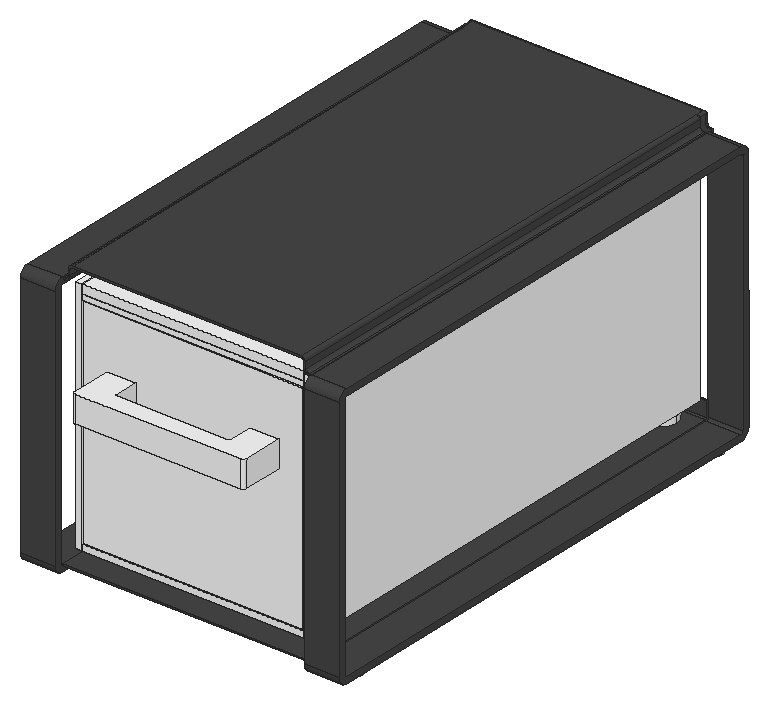
Revit family "QF_Vollrath_SBB13F-06", category Specialty Equipment, Revit 2016
Family settings
  Part Type = Normal
  Round Connector Dimension = Use Diameter
  OmniClass Number = 23.40.40.00
  OmniClass Title = Food Service Equipment and Furnishings
  Work Plane-Based = Yes
  Always vertical = Yes
  Cut with Voids When Loaded = No
  Shared = No
  Room Calculation Point = No
Parameters
  Width = 9 1/16"
  Weight in Pounds = 0
  Watermarked By = ""
  URL Cutsheet = ""
  Specification by User [instance] = ""
  Specification by Manufacturer [instance] = ""
  Serial Number [instance] = ""
  Revision Code [instance] = ""
  NAFEM Spec ID Number [instance] = ""
  Model = "SBB13F-06"
  Masterspec [instance] = ""
  Manufacturer = "Vollrath"
  Item Number [instance] = "-"
  Installed By [instance] = ""
  Height = 7 7/8"
  Furnished By [instance] = ""
  Foodservice Equipment Identifier = yes
  Description = "1/3 Display Bin with Drawer & Black Frame"
  Depth = 14 1/2"
  Default Elevation = 48"
  CSI MasterFormat = ""
Reference planes (in)
  plane 1 "BACK": y = 0
  plane 2 "BOTTOM": z = 0
  plane 3 "LEFT": x = -16.56573
  plane 4 "RIGHT": x = -7.50323
  plane 5 "Front Inner": y = -14.5
  plane 6 "Bottom of Body": z = 0.16
  plane 7 "TOP": z = 8.035
  plane 8: z = 5.305
  plane 9 "Bottom Handle": z = 4.555
  plane 10 "Caster Left": x = -16.06573
  plane 11 "Caster Right": x = -8.00323
  plane 12 "Caster Back": y = -0.75
  plane 13 "Caster Front": y = -13.5
  plane 14 "Center LR": x = -12.03448
  plane 15 "L1": x = -15.56573
  plane 16: x = -8.50323
  plane 17: z = 0.25
Forms (in)
  Blend 1, solid, material "QF_Plastic-White-Transparent"
    base sketch origin (0, 0, 0) x (1, 0, 0) y (0, 1, 0)
      loop
        circle (-16.06573, -0.75) r 0.35
    top sketch origin (0, 0, 0) x (1, 0, 0) y (0, 1, 0)
      loop
        circle (-16.06573, -0.75) r 0.38
    from 0 to 0.16
  Blend 2, solid, material "QF_Plastic-White-Transparent"
    base sketch origin (0, 0, 0) x (1, 0, 0) y (0, 1, 0)
      loop
        circle (-8.00323, -0.75) r 0.35
    top sketch origin (0, 0, 0) x (1, 0, 0) y (0, 1, 0)
      loop
        circle (-8.00323, -0.75) r 0.38
    from 0 to 0.16
  Blend 3, solid, material "QF_Plastic-White-Transparent"
    base sketch origin (0, 0, 0) x (1, 0, 0) y (0, 1, 0)
      loop
        circle (-16.06573, -13.5) r 0.35
    top sketch origin (0, 0, 0) x (1, 0, 0) y (0, 1, 0)
      loop
        circle (-16.06573, -13.5) r 0.38
    from 0 to 0.16
  Blend 4, solid, material "QF_Plastic-White-Transparent"
    base sketch origin (0, 0, 0) x (1, 0, 0) y (0, 1, 0)
      loop
        circle (-8.00323, -13.5) r 0.35
    top sketch origin (0, 0, 0) x (1, 0, 0) y (0, 1, 0)
      loop
        circle (-8.00323, -13.5) r 0.38
    from 0 to 0.16
  Extrusion 5, solid, material "QF_Steel-Paint Finish-Black"
    sketch origin (-16.56573, 0, 0) x (0, 1, 0) y (0, 0, 1)
      loop
        arc (-0.25, 0.16) -> (-0.07322, 0.23322) -> (0, 0.41) r 0.25
        line (0, 0.41) -> (0, 7.41)
        arc (0, 7.41) -> (-0.07322, 7.58678) -> (-0.25, 7.66) r 0.25
        line (-0.25, 7.66) -> (-14.25, 7.66)
        arc (-14.25, 7.66) -> (-14.42678, 7.58678) -> (-14.5, 7.41) r 0.25
        line (-14.5, 7.41) -> (-14.5, 0.41)
        arc (-14.5, 0.41) -> (-14.42678, 0.23322) -> (-14.25, 0.16) r 0.25
        line (-14.25, 0.16) -> (-0.25, 0.16)
      loop
        arc (-0.17187, 7.41) -> (-0.19476, 7.46524) -> (-0.25, 7.48813) r 0.07813
        line (-0.25, 7.48813) -> (-14.25, 7.48813)
        arc (-14.25, 7.48813) -> (-14.30524, 7.46524) -> (-14.32813, 7.41) r 0.07813
        line (-14.32813, 7.41) -> (-14.32813, 0.41)
        arc (-14.32813, 0.41) -> (-14.30524, 0.35476) -> (-14.25, 0.33187) r 0.07813
        line (-14.25, 0.33187) -> (-0.25, 0.33187)
        arc (-0.25, 0.33187) -> (-0.19476, 0.35476) -> (-0.17187, 0.41) r 0.07813
        line (-0.17187, 0.41) -> (-0.17187, 7.41)
    from 0 to 1
  Extrusion 6, solid, material "QF_Steel-Paint Finish-Black"
    sketch origin (-7.50323, 0, 0) x (0, 1, 0) y (0, 0, 1)
      loop
        line (-14.25, 0.16) -> (-0.25, 0.16)
        arc (-0.25, 0.16) -> (-0.07322, 0.23322) -> (0, 0.41) r 0.25
        line (0, 0.41) -> (0, 7.41)
        arc (0, 7.41) -> (-0.07322, 7.58678) -> (-0.25, 7.66) r 0.25
        line (-0.25, 7.66) -> (-14.25, 7.66)
        arc (-14.25, 7.66) -> (-14.42678, 7.58678) -> (-14.5, 7.41) r 0.25
        line (-14.5, 7.41) -> (-14.5, 0.41)
        arc (-14.5, 0.41) -> (-14.42678, 0.23322) -> (-14.25, 0.16) r 0.25
      loop
        line (-14.25, 0.33187) -> (-0.25, 0.33187)
        arc (-0.25, 0.33187) -> (-0.19476, 0.35476) -> (-0.17188, 0.41) r 0.07813
        line (-0.17188, 0.41) -> (-0.17188, 7.41)
        arc (-0.17188, 7.41) -> (-0.19476, 7.46524) -> (-0.25, 7.48813) r 0.07813
        line (-0.25, 7.48813) -> (-14.25, 7.48813)
        arc (-14.25, 7.48813) -> (-14.30524, 7.46524) -> (-14.32812, 7.41) r 0.07813
        line (-14.32812, 7.41) -> (-14.32812, 0.41)
        arc (-14.32812, 0.41) -> (-14.30524, 0.35476) -> (-14.25, 0.33187) r 0.07813
    from 0 to -1
  Extrusion 7, solid, material "QF_Steel-Paint Finish-Black"
    sketch origin (-15.56573, 0, 0) x (0, 1, 0) y (0, 0, 1)
      loop
        arc (-0.25, 0.33187) -> (-0.19476, 0.35476) -> (-0.17187, 0.41) r 0.07813
        line (-0.17187, 0.41) -> (-0.17187, 0.83187) -> (-0.21187, 0.83187) -> (-0.21187, 0.41)
        arc (-0.21187, 0.41) -> (-0.22304, 0.38304) -> (-0.25, 0.37187) r 0.03813
        line (-0.25, 0.37187) -> (-14.25, 0.37187) -> (-14.25, 0.33187) -> (-0.25, 0.33187)
    from 0 to 7.0625
  Extrusion 8, solid, material "QF_Steel-Paint Finish-Black"
    sketch origin (0, 0, 0) x (1, 0, 0) y (0, 0, 1)
      loop
        arc (-15.29573, 8.035) -> (-15.36644, 8.00571) -> (-15.39573, 7.935) r 0.1
        line (-15.39573, 7.935) -> (-15.39573, 7.76)
        arc (-15.39573, 7.76) -> (-15.42501, 7.68929) -> (-15.49573, 7.66) r 0.1
        line (-15.49573, 7.66) -> (-15.56573, 7.66) -> (-15.56573, 7.62) -> (-15.49573, 7.62)
        arc (-15.49573, 7.62) -> (-15.39673, 7.66101) -> (-15.35573, 7.76) r 0.14
        line (-15.35573, 7.76) -> (-15.35573, 7.935)
        arc (-15.35573, 7.935) -> (-15.33815, 7.97743) -> (-15.29573, 7.995) r 0.06
        line (-15.29573, 7.995) -> (-8.77323, 7.995)
        arc (-8.77323, 7.995) -> (-8.7308, 7.97743) -> (-8.71323, 7.935) r 0.06
        line (-8.71323, 7.935) -> (-8.71323, 7.76)
        arc (-8.71323, 7.76) -> (-8.67222, 7.66101) -> (-8.57323, 7.62) r 0.14
        line (-8.57323, 7.62) -> (-8.50323, 7.62) -> (-8.50323, 7.66) -> (-8.57323, 7.66)
        arc (-8.57323, 7.66) -> (-8.64394, 7.68929) -> (-8.67323, 7.76) r 0.1
        line (-8.67323, 7.76) -> (-8.67323, 7.935)
        arc (-8.67323, 7.935) -> (-8.70251, 8.00571) -> (-8.77323, 8.035) r 0.1
        line (-8.77323, 8.035) -> (-15.29573, 8.035)
    from 0.25 to 14.25
  Extrusion 9, solid, material "QF_Steel-Paint Finish-Black"
    sketch origin (-15.56573, 0, 0) x (0, 1, 0) y (0, 0, 1)
      loop
        line (-0.25, 8.035) -> (-0.25, 7.995) -> (-0.04, 7.995) -> (-0.04, 7.535) -> (0, 7.535) -> (0, 7.997)
        arc (0, 7.997) -> (-0.01113, 8.02387) -> (-0.038, 8.035) r 0.038
        line (-0.038, 8.035) -> (-0.25, 8.035)
    from 0 to 7.0625
  Extrusion 10, void
    sketch origin (0, 0, 0) x (1, 0, 0) y (0, 0, 1)
      loop
        arc (-15.49573, 7.66) -> (-15.42501, 7.68929) -> (-15.39573, 7.76) r 0.1
        line (-15.39573, 7.76) -> (-15.39573, 7.935)
        arc (-15.39573, 7.935) -> (-15.36644, 8.00571) -> (-15.29573, 8.035) r 0.1
        line (-15.29573, 8.035) -> (-15.56573, 8.035) -> (-15.56573, 7.66) -> (-15.49573, 7.66)
      loop
        line (-8.57323, 7.66) -> (-8.50323, 7.66) -> (-8.50323, 8.035) -> (-8.77323, 8.035)
        arc (-8.77323, 8.035) -> (-8.70251, 8.00571) -> (-8.67323, 7.935) r 0.1
        line (-8.67323, 7.935) -> (-8.67323, 7.76)
        arc (-8.67323, 7.76) -> (-8.64394, 7.68929) -> (-8.57323, 7.66) r 0.1
    from 0 to 1
Cuts and joins
  Extrusion 10 cuts Extrusion 8
  Extrusion 10 cuts Extrusion 9
  joined: Extrusion 8, Extrusion 9
Lines and regions (in)
  symbolic lines
    curve 1: line (-16.56573, 0, 0) -> (-7.50323, 0, 0)
    curve 2: line (-16.56573, -14.5, 0) -> (-16.56573, 0, 0)
    curve 3: line (-7.50323, 0, 0) -> (-7.50323, -14.5, 0)
    curve 6: line (-16.56573, -14.5, 0) -> (-15.56573, -14.5, 0)
    curve 7: line (-7.50323, -14.5, 0) -> (-8.50323, -14.5, 0)
  symbolic lines, style "QF_Details_Surface"
    curve 4: line (-15.56573, -14.5, 0) -> (-15.56573, 0, 0)
    curve 5: line (-8.50323, 0, 0) -> (-8.50323, -14.5, 0)
    curve 8: line (-15.56573, -14.25, 0) -> (-8.50323, -14.25, 0)
Dimensions and locks (in)
  "Width": plane 3 "LEFT" to plane 4 "RIGHT"
  "Depth": plane 5 "Front Inner" to plane 1 "BACK"
  locked: plane 6 "Bottom of Body" to plane 2 "BOTTOM" at 0.16
  "Height": plane 7 "TOP" to plane 6 "Bottom of Body"
  plane 7 "TOP" to plane 8 = 2.73"
  locked: plane 8 to plane 9 "Bottom Handle" at 0.75
  locked: plane 12 "Caster Back" to plane 1 "BACK" at 0.75
  locked: plane 5 "Front Inner" to plane 13 "Caster Front" at 1
  equal spacing: plane 3 "LEFT", plane 14 "Center LR", plane 4 "RIGHT"
  locked: plane 3 "LEFT" to plane 15 "L1" at 1
  locked: plane 16 to plane 4 "RIGHT" at 1
  equal spacing: plane 3 "LEFT", plane 10 "Caster Left", plane 15 "L1"
  equal spacing: plane 16, plane 11 "Caster Right", plane 4 "RIGHT"
  locked: plane 17 to plane 2 "BOTTOM" at 0.25
  aligned and locked: level to plane 2 "BOTTOM"
  aligned and locked: plane 6 "Bottom of Body" to Blend 1
  aligned and locked: plane 6 "Bottom of Body" to Blend 2
  aligned and locked: plane 6 "Bottom of Body" to Blend 3
  aligned and locked: plane 6 "Bottom of Body" to Blend 4
  aligned and locked: Extrusion 5 sketch curve to plane 5 "Front Inner"
  aligned and locked: Extrusion 5 sketch curve to plane 6 "Bottom of Body"
  aligned and locked: plane 1 "BACK" to Extrusion 5 sketch curve
  aligned and locked: plane 16 to Extrusion 7
  aligned and locked: plane 16 to Extrusion 8 sketch curve
  aligned and locked: plane 15 "L1" to Extrusion 8 sketch curve
  aligned and locked: plane 16 to Extrusion 9
  aligned and locked: plane 14 "Center LR" to nested 1
  aligned and locked: curve 4 to Extrusion 5
  aligned and locked: curve 5 to Extrusion 6
  aligned and locked: curve 6 to Extrusion 5
  aligned and locked: curve 7 to Extrusion 6
  aligned and locked: curve 8 to Extrusion 7
Automatic sketch dimensions
  Blend 1 sketch curve to plane 10 "Caster Left" = 0"  (x2)
  plane 12 "Caster Back" to Blend 1 sketch curve = 0"  (x2)
  Blend 2 sketch curve to plane 11 "Caster Right" = 0"  (x2)
  plane 12 "Caster Back" to Blend 2 sketch curve = 0"  (x2)
  Blend 3 sketch curve to plane 10 "Caster Left" = 0"  (x2)
  plane 13 "Caster Front" to Blend 3 sketch curve = 0"  (x2)
  Blend 4 sketch curve to plane 11 "Caster Right" = 0"  (x2)
  plane 13 "Caster Front" to Blend 4 sketch curve = 0"  (x2)
  Extrusion 5 sketch curve to plane 5 "Front Inner" = 1/4"  (x2)
  plane 1 "BACK" to Extrusion 5 sketch curve = 1/4"  (x2)
  Extrusion 5 sketch curve to plane 7 "TOP" = 5/8"
  Extrusion 5 sketch curve to Extrusion 5 sketch curve = 0"  (x7)
  Extrusion 5 sketch curve to plane 5 "Front Inner" = 11/64"
  Extrusion 6 sketch curve to Extrusion 6 sketch curve = 0"  (x8)
  Extrusion 6 sketch curve to plane 5 "Front Inner" = 0"
  Extrusion 6 sketch curve to plane 6 "Bottom of Body" = 0"
  Extrusion 6 sketch curve to plane 1 "BACK" = 0"
  Extrusion 6 sketch curve to Extrusion 6 sketch curve = 11/64"
  Extrusion 6 sketch curve to plane 5 "Front Inner" = 1/4"
  Extrusion 6 sketch curve to Extrusion 6 sketch curve = 5/64"  (x2)
  plane 1 "BACK" to Extrusion 6 sketch curve = 1/4"
  Extrusion 6 sketch curve to plane 7 "TOP" = 5/8"
  Extrusion 7 sketch curve to Extrusion 7 sketch curve = 0"  (x2)
  plane 1 "BACK" to Extrusion 7 sketch curve = 1/4"
  plane 1 "BACK" to Extrusion 7 sketch curve = 0.21187"
  Extrusion 7 sketch curve to Extrusion 7 sketch curve = 0.04"
  plane 17 to Extrusion 7 sketch curve = 0.08188"
  Extrusion 7 sketch curve to Extrusion 7 sketch curve = 27/64"
  Extrusion 7 sketch curve to plane 5 "Front Inner" = 1/4"
  Extrusion 8 sketch curve to Extrusion 8 sketch curve = 0"  (x8)
  Extrusion 8 sketch curve to plane 7 "TOP" = 0"
  plane 15 "L1" to Extrusion 8 sketch curve = 0.07"
  Extrusion 8 sketch curve to Extrusion 8 sketch curve = 0.1"
  Extrusion 8 sketch curve to Extrusion 8 sketch curve = 0.04"
  Extrusion 8 sketch curve to Extrusion 8 sketch curve = 0.06"  (x2)
  Extrusion 8 sketch curve to plane 16 = 0.27"
  Extrusion 8 sketch curve to plane 16 = 0.07"
  Extrusion 8 sketch curve to Extrusion 8 sketch curve = 0.175"  (x2)
  Extrusion 9 sketch curve to plane 7 "TOP" = 0"
  Extrusion 9 sketch curve to plane 1 "BACK" = 0"
  plane 1 "BACK" to Extrusion 9 sketch curve = 0.038"
  Extrusion 9 sketch curve to Extrusion 9 sketch curve = 0.002"  (x2)
  Extrusion 9 sketch curve to Extrusion 9 sketch curve = 0.46"
  Extrusion 9 sketch curve to Extrusion 9 sketch curve = 0.212"
  Extrusion 10 sketch curve to plane 15 "L1" = 0"
  Extrusion 10 sketch curve to plane 7 "TOP" = 0"  (x3)
  Extrusion 10 sketch curve to plane 16 = 0"
  plane 15 "L1" to Extrusion 10 sketch curve = 0.07"
  Extrusion 10 sketch curve to plane 7 "TOP" = 0.1"  (x2)
  plane 15 "L1" to Extrusion 10 sketch curve = 0.17"
  Extrusion 10 sketch curve to plane 16 = 0.27"
  Extrusion 10 sketch curve to plane 16 = 0.07"
  Extrusion 10 sketch curve to Extrusion 10 sketch curve = 0.175"  (x2)
  Extrusion 10 sketch curve to Extrusion 10 sketch curve = 0"
  plane 1 "BACK" to curve 1 = 0"
  curve 1 to plane 3 "LEFT" = 0"
  curve 3 to plane 4 "RIGHT" = 0"
  radius of Blend 1 sketch curve = 0.35"
  radius of Blend 1 sketch curve = 0.38"
  radius of Blend 2 sketch curve = 0.35"
  radius of Blend 2 sketch curve = 0.38"
  radius of Blend 3 sketch curve = 0.35"
  radius of Blend 3 sketch curve = 0.38"
  radius of Blend 4 sketch curve = 0.35"
  radius of Blend 4 sketch curve = 0.38"
Nested families (in)
  nested 1: "QF_Vollrath_SSB13F-06_Case" at (1.21125, -0.20813, 0.37187), type "QF_Vollrath_SSB13F-06_Case"
    with Width 6.64", Specification by User "", Specification by Manufacturer "", Serial Number "", Revision Code "", NAFEM Spec ID Number "", Masterspec "", Item Number "-", Installed By "", Height 6.78", Furnished By "", Depth 13.82"
Definition of nested family "QF_Vollrath_SSB13F-06_Case"
  Parameters
    Width [instance] = 6 3/8"
    Weight in Pounds = 0
    Watermarked By = ""
    URL Cutsheet = ""
    Specification by User [instance] = ""
    Specification by Manufacturer [instance] = ""
    Serial Number [instance] = ""
    Revision Code [instance] = ""
    NAFEM Spec ID Number [instance] = ""
    Model = ""
    Masterspec [instance] = ""
    Manufacturer = ""
    Item Number [instance] = "-"
    Installed By [instance] = ""
    Height [instance] = 6.91"
    Furnished By [instance] = ""
    Foodservice Equipment Identifier = yes
    Description = ""
    Depth [instance] = 14"
    Default Elevation = 48"
    CSI MasterFormat = ""
  Reference planes (in)
    plane 1 "BACK": y = 0
    plane 2 "BOTTOM": z = 0
    plane 3 "LEFT": x = -16.56573
    plane 4 "RIGHT": x = -10.19073
    plane 5 "Front Inner": y = -14
    plane 6 "FRONT": y = -15.2462
    plane 7 "Bottom of Body": z = 0.38
    plane 8 "TOP": z = 7.29
    plane 9: z = 5.305
    plane 10 "Bottom Handle": z = 4.555
    plane 11 "Caster Left": x = -16.00573
    plane 12 "Caster Right": x = -10.75073
    plane 13 "Caster Back": y = -0.56
    plane 14 "Caster Front": y = -13
    plane 15 "Center LR": x = -13.37823
    plane 16: x = -15.81573
    plane 17: x = -10.94073
    plane 18: x = -15.00573
    plane 19: x = -11.75073
    plane 20: y = -7
  Forms (in)
    Extrusion 1, solid
      sketch origin (0, 0, 0) x (1, 0, 0) y (0, 0, 1)
        loop
          line (-16.56573, 7.29) -> (-16.56573, 0.38) -> (-16.39573, 0.38) -> (-16.39573, 7.29) -> (-16.56573, 7.29)
      from 0 to 14
    Extrusion 2, solid
      sketch origin (0, 0, 0) x (1, 0, 0) y (0, 0, 1)
        loop
          line (-10.19073, 7.29) -> (-10.36073, 7.29) -> (-10.36073, 0.38) -> (-10.19073, 0.38) -> (-10.19073, 7.29)
      from 0 to 14
    Extrusion 3, solid
      sketch origin (0, 0, 0) x (1, 0, 0) y (0, 0, 1)
        loop
          line (-16.39573, 0.38) -> (-10.36073, 0.38) -> (-10.36073, 0.55) -> (-16.39573, 0.55) -> (-16.39573, 0.38)
      from 0 to 14
    Extrusion 4, solid
      sketch origin (0, 0, 0) x (1, 0, 0) y (0, 0, 1)
        loop
          line (-16.39573, 7.29) -> (-16.39573, 7.04) -> (-10.36073, 7.04) -> (-10.36073, 7.29) -> (-16.39573, 7.29)
      from 0 to 14
    Extrusion 5, solid
      sketch origin (0, 0, 0) x (1, 0, 0) y (0, 0, 1)
        loop
          line (-16.39573, 7.04) -> (-16.39573, 6.87) -> (-10.36073, 6.87) -> (-10.36073, 7.04) -> (-16.39573, 7.04)
      from 0 to 14
    Extrusion 6, solid
      sketch origin (0, 0, 0) x (1, 0, 0) y (0, 0, 1)
        loop
          line (-10.36073, 6.87) -> (-16.39573, 6.87) -> (-16.39573, 0.55) -> (-10.36073, 0.55) -> (-10.36073, 6.87)
      from 0 to 0.17
    Extrusion 7, solid
      sketch origin (0, -14, 0) x (1, 0, 0) y (0, 0, 1)
        loop
          arc (-10.42073, 0.58) -> (-10.39951, 0.58879) -> (-10.39073, 0.61) r 0.03
          line (-10.39073, 0.61) -> (-10.39073, 6.81)
          arc (-10.39073, 6.81) -> (-10.39951, 6.83121) -> (-10.42073, 6.84) r 0.03
          line (-10.42073, 6.84) -> (-16.33573, 6.84)
          arc (-16.33573, 6.84) -> (-16.35694, 6.83121) -> (-16.36573, 6.81) r 0.03
          line (-16.36573, 6.81) -> (-16.36573, 0.61)
          arc (-16.36573, 0.61) -> (-16.35694, 0.58879) -> (-16.33573, 0.58) r 0.03
          line (-16.33573, 0.58) -> (-10.42073, 0.58)
      from 0 to -0.17
    Extrusion 8, solid
      sketch origin (0, -14, 0) x (1, 0, 0) y (0, 0, 1)
        loop
          line (-16.36573, 4.175) -> (-16.36573, 0.61)
          arc (-16.36573, 0.61) -> (-16.35694, 0.58879) -> (-16.33573, 0.58) r 0.03
          line (-16.33573, 0.58) -> (-10.42073, 0.58)
          arc (-10.42073, 0.58) -> (-10.39951, 0.58879) -> (-10.39073, 0.61) r 0.03
          line (-10.39073, 0.61) -> (-10.39073, 4.175) -> (-10.56073, 4.175) -> (-10.56073, 0.75) -> (-16.19573, 0.75) -> (-16.19573, 4.175) -> (-16.36573, 4.175)
      from -0.17 to -13.44
    Extrusion 9, solid
      sketch origin (0, -0.56, 0) x (1, 0, 0) y (0, 0, 1)
        loop
          line (-10.39073, 4.555) -> (-16.36573, 4.555) -> (-16.36573, 0.61)
          arc (-16.36573, 0.61) -> (-16.35694, 0.58879) -> (-16.33573, 0.58) r 0.03
          line (-16.33573, 0.58) -> (-10.42073, 0.58)
          arc (-10.42073, 0.58) -> (-10.39951, 0.58879) -> (-10.39073, 0.61) r 0.03
          line (-10.39073, 0.61) -> (-10.39073, 4.555)
      from 0 to -0.17
    Extrusion 10, solid
      sketch origin (0, 0, 4.555) x (0, 1, 0) y (-1, 0, 0)
        loop
          line (-14, 15.81573) -> (-15.1462, 15.81573)
          arc (-15.1462, 15.81573) -> (-15.21691, 15.78644) -> (-15.2462, 15.71573) r 0.1
          line (-15.2462, 15.71573) -> (-15.2462, 11.04073)
          arc (-15.2462, 11.04073) -> (-15.21691, 10.97001) -> (-15.1462, 10.94073) r 0.1
          line (-15.1462, 10.94073) -> (-14, 10.94073) -> (-14, 11.75073) -> (-14.6862, 11.75073)
          arc (-14.6862, 11.75073) -> (-14.72156, 11.76537) -> (-14.7362, 11.80073) r 0.05
          line (-14.7362, 11.80073) -> (-14.7362, 14.95573)
          arc (-14.7362, 14.95573) -> (-14.72156, 14.99108) -> (-14.6862, 15.00573) r 0.05
          line (-14.6862, 15.00573) -> (-14, 15.00573) -> (-14, 15.81573)
      from 0 to 0.75
    Blend 11, solid
      base sketch origin (0, 0, 0) x (1, 0, 0) y (0, 1, 0)
        loop
          circle (-16.00573, -0.56) r 0.35
      top sketch origin (0, 0, 0) x (1, 0, 0) y (0, 1, 0)
        loop
          circle (-16.00573, -0.56) r 0.38
      from 0 to 0.38
    Blend 12, solid
      base sketch origin (0, 0, 0) x (1, 0, 0) y (0, 1, 0)
        loop
          circle (-10.75073, -0.56) r 0.35
      top sketch origin (0, 0, 0) x (1, 0, 0) y (0, 1, 0)
        loop
          circle (-10.75073, -0.56) r 0.38
      from 0 to 0.38
    Blend 13, solid
      base sketch origin (0, 0, 0) x (1, 0, 0) y (0, 1, 0)
        loop
          circle (-16.00573, -13) r 0.35
      top sketch origin (0, 0, 0) x (1, 0, 0) y (0, 1, 0)
        loop
          circle (-16.00573, -13) r 0.38
      from 0 to 0.38
    Blend 14, solid
      base sketch origin (0, 0, 0) x (1, 0, 0) y (0, 1, 0)
        loop
          circle (-10.75073, -13) r 0.35
      top sketch origin (0, 0, 0) x (1, 0, 0) y (0, 1, 0)
        loop
          circle (-10.75073, -13) r 0.38
      from 0 to 0.38
  Lines and regions (in)
    symbolic lines
      curve 1: line (-16.56573, 0, 0) -> (-10.19073, 0, 0)
      curve 2: line (-16.56573, -14, 0) -> (-16.56573, 0, 0)
      curve 3: line (-10.19073, -14, 0) -> (-16.56573, -14, 0)
      curve 4: line (-10.19073, 0, 0) -> (-10.19073, -14, 0)
      curve 5: line (-15.71573, -15.2462, 0) -> (-11.04073, -15.2462, 0)
      curve 6: line (-11.80073, -14.7362, 0) -> (-14.95573, -14.7362, 0)
      curve 7: line (-15.00573, -14.6862, 0) -> (-15.00573, -14, 0)
      curve 8: arc (-14.95573, -14.7362, 0) -> (-14.99108, -14.72156, 0) -> (-15.00573, -14.6862, 0) r 0.05
      curve 9: arc (-11.75073, -14.6862, 0) -> (-11.76537, -14.72156, 0) -> (-11.80073, -14.7362, 0) r 0.05
      curve 10: line (-11.75073, -14, 0) -> (-11.75073, -14.6862, 0)
      curve 11: arc (-15.81573, -15.1462, 0) -> (-15.78644, -15.21691, 0) -> (-15.71573, -15.2462, 0) r 0.1
      curve 12: line (-15.81573, -14, 0) -> (-15.81573, -15.1462, 0)
      curve 13: line (-10.94073, -15.1462, 0) -> (-10.94073, -14, 0)
      curve 14: arc (-11.04073, -15.2462, 0) -> (-10.97001, -15.21691, 0) -> (-10.94073, -15.1462, 0) r 0.1
  Dimensions and locks (in)
    "Width": plane 3 "LEFT" to plane 4 "RIGHT"
    "Depth": plane 5 "Front Inner" to plane 1 "BACK"
    locked: plane 6 "FRONT" to plane 5 "Front Inner" at 1.2462
    locked: plane 7 "Bottom of Body" to plane 2 "BOTTOM" at 0.38
    "Height": plane 8 "TOP" to plane 7 "Bottom of Body"
    plane 8 "TOP" to plane 9 = 1.985"
    locked: plane 9 to plane 10 "Bottom Handle" at 0.75
    locked: plane 3 "LEFT" to plane 11 "Caster Left" at 0.56
    locked: plane 12 "Caster Right" to plane 4 "RIGHT" at 0.56
    locked: plane 13 "Caster Back" to plane 1 "BACK" at 0.56
    locked: plane 5 "Front Inner" to plane 14 "Caster Front" at 1
    locked: plane 3 "LEFT" to Extrusion 1 sketch curve at 0.17
    locked: Extrusion 2 sketch curve to plane 4 "RIGHT" at 0.17
    locked: Extrusion 3 sketch curve to plane 7 "Bottom of Body" at 0.17
    locked: plane 8 "TOP" to Extrusion 5 sketch curve at 0.42
    locked: plane 8 "TOP" to Extrusion 5 sketch curve at 0.25
    equal spacing: plane 3 "LEFT", plane 15 "Center LR", plane 4 "RIGHT"
    locked: plane 16 to plane 18 at 0.81
    locked: plane 19 to plane 17 at 0.81
    equal spacing: plane 16, plane 15 "Center LR", plane 17
    locked: plane 16 to plane 17 at 4.875
    equal spacing: plane 5 "Front Inner", plane 20, plane 1 "BACK"
    aligned and locked: level to plane 2 "BOTTOM"
    aligned and locked: Extrusion 1 sketch curve to plane 3 "LEFT"
    aligned and locked: plane 8 "TOP" to Extrusion 1 sketch curve
    aligned and locked: Extrusion 1 sketch curve to plane 7 "Bottom of Body"
    aligned and locked: Extrusion 2 sketch curve to plane 4 "RIGHT"
    aligned and locked: Extrusion 2 sketch curve to plane 7 "Bottom of Body"
    aligned and locked: plane 8 "TOP" to Extrusion 2 sketch curve
    aligned and locked: plane 5 "Front Inner" to Extrusion 1
    aligned and locked: plane 5 "Front Inner" to Extrusion 2
    aligned and locked: Extrusion 3 sketch curve to plane 7 "Bottom of Body"
    aligned and locked: Extrusion 3 sketch curve to Extrusion 1
    aligned and locked: Extrusion 3 sketch curve to Extrusion 2
    aligned and locked: Extrusion 4 sketch curve to plane 8 "TOP"
    aligned and locked: Extrusion 1 to Extrusion 4 sketch curve
    aligned and locked: Extrusion 4 sketch curve to Extrusion 2
    aligned and locked: Extrusion 1 to Extrusion 5 sketch curve
    aligned and locked: Extrusion 5 sketch curve to Extrusion 2
    aligned and locked: plane 5 "Front Inner" to Extrusion 4
    aligned and locked: plane 5 "Front Inner" to Extrusion 5
    aligned and locked: plane 5 "Front Inner" to Extrusion 3
    aligned and locked: Extrusion 6 sketch curve to Extrusion 5  (x2)
    aligned and locked: Extrusion 6 sketch curve to Extrusion 3  (x2)
    aligned and locked: Extrusion 9 sketch curve to plane 10 "Bottom Handle"
    aligned and locked: plane 5 "Front Inner" to Extrusion 10 sketch curve  (x2)
    aligned and locked: Extrusion 10 sketch curve to plane 6 "FRONT"
    aligned and locked: plane 9 to Extrusion 10
    aligned and locked: plane 7 "Bottom of Body" to Blend 11
    aligned and locked: plane 7 "Bottom of Body" to Blend 12
    aligned and locked: plane 7 "Bottom of Body" to Blend 13
    aligned and locked: plane 7 "Bottom of Body" to Blend 14
    aligned and locked: curve 1 to Extrusion 1
    aligned and locked: curve 2 to Extrusion 1
    aligned and locked: curve 3 to Extrusion 2
    aligned and locked: curve 4 to Extrusion 2
    aligned and locked: Extrusion 10 to curve 5
    aligned and locked: curve 6 to Extrusion 10
    aligned and locked: curve 7 to Extrusion 10
    aligned and locked: curve 10 to Extrusion 10
    aligned and locked: Extrusion 10 sketch curve to plane 16
    aligned and locked: Extrusion 10 sketch curve to plane 18
    aligned and locked: Extrusion 10 sketch curve to plane 17
    aligned and locked: Extrusion 10 sketch curve to plane 19
  Automatic sketch dimensions
    Extrusion 4 sketch curve to Extrusion 4 sketch curve = 1/4"
    plane 3 "LEFT" to Extrusion 7 sketch curve = 0.2"
    Extrusion 7 sketch curve to Extrusion 7 sketch curve = 0.03"  (x3)
    Extrusion 7 sketch curve to plane 4 "RIGHT" = 0.23"  (x2)
    plane 7 "Bottom of Body" to Extrusion 7 sketch curve = 0.2"
    Extrusion 7 sketch curve to plane 8 "TOP" = 0.48"
    plane 3 "LEFT" to Extrusion 8 sketch curve = 0.2"
    Extrusion 8 sketch curve to Extrusion 8 sketch curve = 0.03"  (x2)
    Extrusion 8 sketch curve to plane 11 "Caster Left" = 0.19"
    plane 12 "Caster Right" to Extrusion 8 sketch curve = 0.19"
    Extrusion 8 sketch curve to Extrusion 8 sketch curve = 0.14"  (x2)
    plane 7 "Bottom of Body" to Extrusion 8 sketch curve = 0.2"
    Extrusion 8 sketch curve to plane 10 "Bottom Handle" = 0.38"  (x2)
    plane 3 "LEFT" to Extrusion 9 sketch curve = 0.2"
    Extrusion 9 sketch curve to plane 4 "RIGHT" = 0.2"
    plane 7 "Bottom of Body" to Extrusion 9 sketch curve = 0.23"
    Extrusion 9 sketch curve to Extrusion 9 sketch curve = 0.03"  (x2)
    Extrusion 10 sketch curve to plane 6 "FRONT" = 0.1"  (x2)
    Extrusion 10 sketch curve to plane 6 "FRONT" = 0.51"
    Extrusion 10 sketch curve to Extrusion 10 sketch curve = 0.05"  (x2)
    Blend 11 sketch curve to plane 11 "Caster Left" = 0"  (x2)
    plane 13 "Caster Back" to Blend 11 sketch curve = 0"  (x2)
    Blend 12 sketch curve to plane 12 "Caster Right" = 0"  (x2)
    plane 13 "Caster Back" to Blend 12 sketch curve = 0"  (x2)
    Blend 13 sketch curve to plane 11 "Caster Left" = 0"  (x2)
    plane 14 "Caster Front" to Blend 13 sketch curve = 0"  (x2)
    Blend 14 sketch curve to plane 12 "Caster Right" = 0"  (x2)
    plane 14 "Caster Front" to Blend 14 sketch curve = 0"  (x2)
    curve 12 to curve 5 = 0.1"
    curve 6 to curve 10 = 0.05"
    curve 5 to curve 14 = 0.1"
    curve 6 to curve 8 = 0.05"
    curve 12 to plane 16 = 0"
    curve 13 to plane 17 = 0"
    radius of Blend 11 sketch curve = 0.35"
    radius of Blend 11 sketch curve = 0.38"
    radius of Blend 12 sketch curve = 0.35"
    radius of Blend 12 sketch curve = 0.38"
    radius of Blend 13 sketch curve = 0.35"
    radius of Blend 13 sketch curve = 0.38"
    radius of Blend 14 sketch curve = 0.35"
    radius of Blend 14 sketch curve = 0.38"
